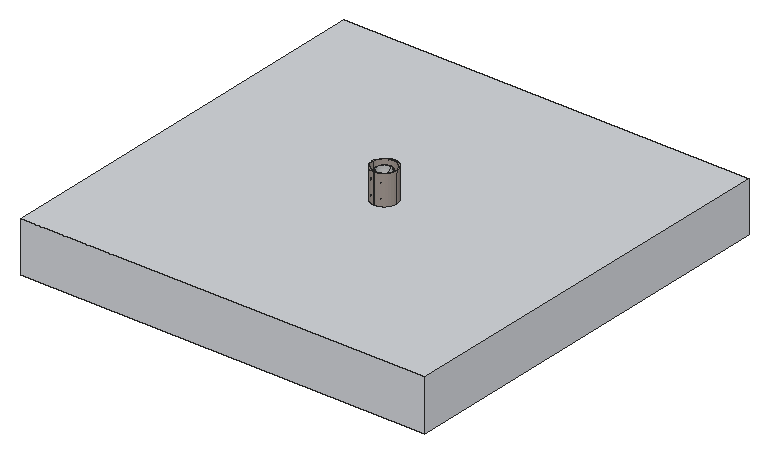
Revit family "DownlightConcreto_DLRC-SBP9W_DLRC-SBP18W_PowerLume", category Luminárias, Revit 2022
Family settings
  Hospedeiro = Face
  Cota do conector redondo = Utilizar diâmetro
  Tipo de parte = Normal
  Número OmniClass = 23.80.70.14.17
  Título OmniClass = Exterior Spotlights
  Corte com vazios quando carregada = Sim
  Fonte luminosa = Não
  Manter orientação da anotação = Não
  Compartilhado = Sim
  Ponto de cálculo do ambiente = Não
Parameters (values of type "DLRC-SBP18W")
  Ângulo de abertura = "80°"
  Voltagem Luminária = 0 V
  Vida útil = "60000h"
  Versão = 1  # constant formula
  URL do produto = "https://www.powerlume.com.br/produtos/downlight-redondo-sobrepor"
  URL = "https://www.powerlume.com.br/"
  Tipo de imagem = FOTO DLRC-SBP18W.png
  Temperatura de cor = "3000K"  # constant formula
  Potência = "18W"
  Peso = "0"
  Modelo de luminária = DownlightConcreto_DLRC-SBP18W_Base_PowerLume : DLRC-SBP18W
  Modelo = "DLRC-SBP18W"
  Manual de instalação = ""
  Lâmpada = "Placa LED"
  Localização = "Caxias do Sul - RS / Brasil"  # constant formula
  IfcExportAs = "IfcLightFixtureType"  # constant formula
  IRC = "85"  # constant formula
  IP = "65"  # constant formula
  Frame = Concreto, leve
  Fluxo luminoso = "2340 lm"
  Ficha técnica = ""
  Fator de Potência Luminária = 1
  Fabricante = "Power Lume"  # constant formula
  Default Elevation = 1219.2 mm
  Diâmetro = 175 mm
  Refletor = Metal - Alumínio Anodizado
  Descrição = "Downlight de sobrepor LED em concreto"  # constant formula
  Data da atualização = "27/02/2025"  # constant formula
  Assembly Code = ""
  Contato do fabricante = "(54) 3066-6488"  # constant formula
  Comentários de voltagem = "110 ou 220Vac 50/60Hz com driver incorporado"
  Catálogo de produtos = "https://www.powerlume.com.br/downloads"
  Carga Aparente Luminária = 0 VA
  Altura = 150 mm
Types (2, lengths in mm): name | Tipo de imagem | Potência | Modelo de luminária | Modelo | Fluxo luminoso | Diâmetro | Altura
  DLRC-SBP9W | FOTO DLRC-SBP9W.png | "9W" | DownlightConcreto_DLRC-SBP9W_Base_PowerLume : DLRC-SBP9W | "DLRC-SBP9W" | "1170 lm" | 102 | 120
  DLRC-SBP18W | FOTO DLRC-SBP18W.png | "18W" | DownlightConcreto_DLRC-SBP18W_Base_PowerLume : DLRC-SBP18W | "DLRC-SBP18W" | "2340 lm" | 175 | 150
Reference planes
  plane 1 "Centro (Frente/Trás)": y = 0
  plane 2: z = 0
  plane 3 "Centro (Esquerda/Direita)": x = 0
  plane 4: y = 0
Forms (mm)
  Extrusion 1, solid
    sketch origin (0, 0, 0) x (1, 0, 0) y (0, 1, 0)
      loop
        line (-1219.2, 1219.2) -> (-1219.2, -1219.2) -> (1219.2, -1219.2) -> (1219.2, 1219.2) -> (-1219.2, 1219.2)
    from 0 to -304.8
Dimensions and locks
  aligned and locked: plane 2 to Extrusion 1
  aligned and locked: level to Extrusion 1
Nested families
  nested 1: "DownlightConcreto_DLRC-SBP18W_Base_PowerLume" at (0, 0, 0), type <- "Modelo de luminária", type "DLRC-SBP18W"
Connectors
  electrical at (0, 0, 0)
    settings: on nested 1, index 1, voltage 0 V, apparent load 0 VA, apparent load phase1 0 VA, apparent load phase2 0 VA, apparent load phase3 0 VA, power factor 1, load classification "Outro", number of poles 1, system type 31, power factor state 1, is connector primary yes, connector utility no, sub classification motor no, connector description ""
Definition of nested family "DownlightConcreto_DLRC-SBP18W_Base_PowerLume"
  Parameters (values of type "DLRC-SBP18W")
    Ângulo de abertura = "80°"
    Voltagem Luminária = 0 V
    Vida útil = "60000h"
    Versão = 1  # constant formula
    URL do produto = "https://www.powerlume.com.br/produtos/downlight-redondo-sobrepor"
    URL = "https://www.powerlume.com.br/"
    Type Image = element 103835
    Temperatura de cor = "3000K"
    Refletor = none
    Potência = "9W"  # constant formula
    Peso = "0"
    Model = "DLRC-SBP18W"  # constant formula
    Manual de instalação = ""
    Lamp = "Placa LED"
    Localização = "Caxias do Sul - RS / Brasil"  # constant formula
    IfcExportAs = "IfcLightFixtureType"  # constant formula
    IRC = "85"  # constant formula
    IP = "65"  # constant formula
    Frame = none
    Fluxo luminoso = "2340 lm"
    Ficha técnica = ""
    Fator de Potência Luminária = 1
    Manufacturer = "Power Lume"  # constant formula
    Default Elevation = 1219.2 mm
    Diâmetro = 150 mm  # constant formula
    Description = "Downlight de sobrepor LED em concreto"
    Data da atualização = "25/02/2025"  # constant formula
    Assembly Code = ""
    Contato do fabricante = "(54) 3066-6488"  # constant formula
    Wattage Comments = "110 ou 220Vac 50/60Hz com driver incorporado"
    Catálogo de produtos = "https://www.powerlume.com.br/downloads"
    Carga Aparente Luminária = 0 VA
    Altura = 175 mm  # constant formula
  Reference planes
    plane 1 "Centro (Frente/Trás)": y = 0
    plane 2: z = 0
    plane 3 "Centro (Esquerda/Direita)": x = 0
    plane 4: y = 0
  Forms (mm)
    Extrusion 1, solid
      sketch origin (0, 0, 0) x (1, 0, 0) y (0, 1, 0)
        loop
          line (-1219.2, 1219.2) -> (-1219.2, -1219.2) -> (1219.2, -1219.2) -> (1219.2, 1219.2) -> (-1219.2, 1219.2)
      from 0 to -304.8
    Extrusion 2, solid, material <- "Frame"
      sketch origin (0, 0, 0) x (1, 0, 0) y (0, 1, 0)
        loop
          circle (0, 0) r 69
      from 0 to 103.8
    Revolve 3, solid, material <- "Refletor"
      sketch origin (0, 0, 0) x (0, 1, 0) y (0, 0, 1)
        loop
          line (12.016, 103.8) -> (12.016, 104.639)
          arc (12.016, 104.639) -> (33.521, 126.576) -> (45.174, 155) r 80
          line (45.174, 155) -> (44.154, 155)
          arc (44.154, 155) -> (32.453, 126.774) -> (10.917, 105.1) r 79
          line (10.917, 105.1) -> (0, 105.1) -> (0, 103.8) -> (10.716, 103.8) -> (12.016, 103.8)
        axis (0, 103.8) -> (0, 155)
      angle from 0 to 360
    Extrusion 4, solid
      sketch origin (0, 0, 0) x (1, 0, 0) y (0, 1, 0)
        loop
          circle (0, 0) r 2
      from 105.1 to 106.5
    Revolve 5, solid, material <- "Frame"
      sketch origin (0, 0, 0) x (0, 1, 0) y (0, 0, 1)
        loop
          arc (-12.016, 104.639) -> (-33.521, 126.576) -> (-45.174, 155) r 80
          line (-45.174, 155) -> (-46.193, 155)
          arc (-46.193, 155) -> (-35.885, 128.439) -> (-17.016, 107.09) r 81
          line (-17.016, 107.09) -> (-17.016, 103.838) -> (-12.016, 103.838) -> (-12.016, 104.639)
        axis (0, 103.838) -> (0, 155)
      angle from 0 to 360
    Extrusion 6, solid, material <- "Frame"
      sketch origin (0, 0, 0) x (1, 0, 0) y (0, 1, 0)
        loop
          arc (-1.5, 74.985) -> (-53.033, 53.033) -> (-74.985, 1.5) r 75
          line (-74.985, 1.5) -> (-73.985, 1.5) -> (-73.985, -1.5) -> (-74.985, -1.5)
          arc (-74.985, -1.5) -> (-53.033, -53.033) -> (-1.5, -74.985) r 75
          line (-1.5, -74.985) -> (-1.5, -73.985) -> (1.5, -73.985) -> (1.5, -74.985)
          arc (1.5, -74.985) -> (53.033, -53.033) -> (74.985, -1.5) r 75
          line (74.985, -1.5) -> (73.985, -1.5) -> (73.985, 1.5) -> (74.985, 1.5)
          arc (74.985, 1.5) -> (53.033, 53.033) -> (1.5, 74.985) r 75
          line (1.5, 74.985) -> (1.5, 73.985) -> (-1.5, 73.985) -> (-1.5, 74.985)
        loop
          circle (0, 0) r 69
      from 0 to 175
    Extrusion 7, void
      sketch origin (-5.982, 27.783, 0) x (-0.374722, 0.927137, 0) y (0, 0, 1)
        loop
          circle (-28, 131.5) r 3.5
        loop
          circle (-28, 43.5) r 3.5
      from -80.424 to -77.049
    Extrusion 8, void
      sketch origin (15.003, 24.137, 0) x (0.374722, 0.927137, 0) y (0, 0, 1)
        loop
          circle (-28, 131.5) r 3.5
        loop
          circle (-28, 43.5) r 3.5
      from -80.424 to -77.049
    Extrusion 9, void
      sketch origin (27.561, 6.934, 0) x (0.913697, 0.406396, 0) y (0, 0, 1)
        loop
          circle (-28, 131.5) r 3.5
        loop
          circle (-28, 43.5) r 3.5
      from -80.424 to -77.049
    Extrusion 10, void
      sketch origin (24.639, -14.164, 0) x (0.93948, -0.342604, 0) y (0, 0, 1)
        loop
          circle (-28, 131.5) r 3.5
        loop
          circle (-28, 43.5) r 3.5
      from -80.424 to -77.049
    Extrusion 11, void
      sketch origin (7.878, -27.306, 0) x (0.437589, -0.899175, 0) y (0, 0, 1)
        loop
          circle (-28, 131.5) r 3.5
        loop
          circle (-28, 43.5) r 3.5
      from -80.424 to -77.049
    Extrusion 12, void
      sketch origin (-13.308, -25.111, 0) x (-0.310081, -0.95071, 0) y (0, 0, 1)
        loop
          circle (-28, 131.5) r 3.5
        loop
          circle (-28, 43.5) r 3.5
      from -80.424 to -77.049
    Extrusion 13, void
      sketch origin (-27.019, -8.813, 0) x (-0.883589, -0.468264, 0) y (0, 0, 1)
        loop
          circle (-28, 131.5) r 3.5
        loop
          circle (-28, 43.5) r 3.5
      from -80.424 to -77.049
    Extrusion 14, void
      sketch origin (-25.554, 12.436, 0) x (-0.960815, 0.27719, 0) y (0, 0, 1)
        loop
          circle (-28, 131.5) r 3.5
        loop
          circle (-28, 43.5) r 3.5
      from -80.424 to -77.049
  Cuts and joins
    Extrusion 7, Extrusion 8, Extrusion 9, Extrusion 10, Extrusion 11, Extrusion 12, Extrusion 13, Extrusion 14 cuts Extrusion 6
  Dimensions and locks
    aligned and locked: plane 2 to Extrusion 1
    aligned and locked: level to Extrusion 1
  Nested families
    nested 1: "DownlightConcreto_DLRC-SBP18W_FonteLuminosa_PowerLume" at (0.052, 0.248, 106.5) x (1, 0, 0) z (0, 0, -1), type "3000K"
  Definition of nested family "DownlightConcreto_DLRC-SBP18W_FonteLuminosa_PowerLume"
    Parameters (values of type "3000K")
      Tilt Angle = 90.00°  # constant formula
      Wattage = 55.1237 W
      Dimming Lamp Color Temperature Shift = (empty or 0)
      built-in parameter 1150107 = 3000 (stored number, unit not read)
      built-in parameter 1150110 = 1 (stored number, unit not read)
      built-in parameter 1150109 = 1 (stored number, unit not read)
      built-in parameter 1114218 = 1 (stored number, unit not read)
      built-in parameter 1150112 = 1 (stored number, unit not read)
      built-in parameter 1150113 = 1 (stored number, unit not read)
      built-in parameter 1150132 = 2
      built-in parameter 1150137 = (empty or 0)
      built-in parameter 1150106 = 1.8621 (stored number, unit not read)
      built-in parameter 1150102 = (empty or 0)
      built-in parameter 1150105 = 186.21 (stored number, unit not read)
      Color Filter = 16777215
      built-in parameter 1114217 = 1 (stored number, unit not read)
      built-in parameter 1150139 = (empty or 0)
      Default Elevation = 1219.2 mm
      built-in parameter 1150104 = 3.9437 (stored number, unit not read)
      built-in parameter 1150115 = 1 (stored number, unit not read)
      built-in parameter 1150114 = 1 (stored number, unit not read)
      Lumens = 2340 lm
      built-in parameter 1150138 = (empty or 0)
      built-in parameter 1150134 = (empty or 0)
      Photometric Web File = "DLRC-SBP18W.ies"
      built-in parameter 1150133 = 10 (stored number, unit not read)
    Reference planes
      plane 1 "Centro (Frente/Trás)": y = 0
      plane 2: z = 0
      plane 3 "Centro (Esquerda/Direita)": x = 0
    Forms (mm)
      Extrusion 1, solid
        sketch origin (0, 0, 0) x (1, 0, 0) y (0, 1, 0)
          loop
            line (-1219.2, 1219.2) -> (-1219.2, -1219.2) -> (1219.2, -1219.2) -> (1219.2, 1219.2) -> (-1219.2, 1219.2)
        from 0 to -304.8
    Dimensions and locks
      aligned and locked: plane 2 to Extrusion 1
      aligned and locked: level to Extrusion 1
